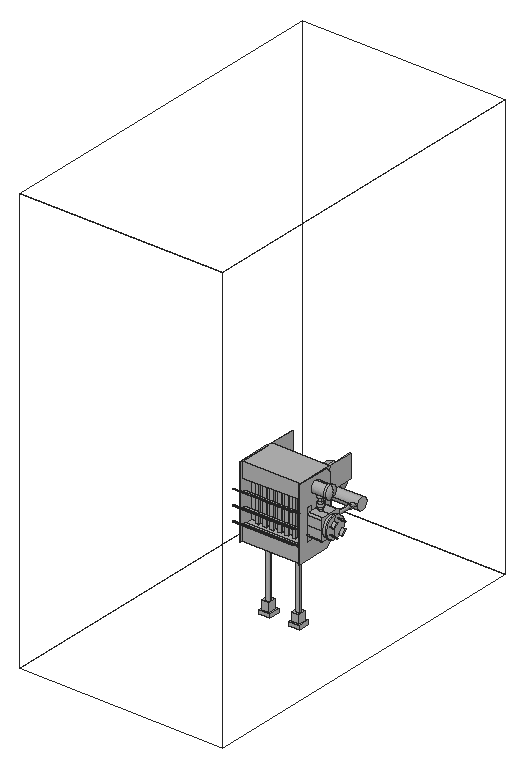
Revit family "Heater-QMARK-GUX_Series-Explosion_Proof_Unit_Gen2.txt", category Mechanical Equipment, host Face, Revit 2020
Family settings
  Host = Face
  Round Connector Dimension = Use Diameter
  Classification = None
  Part Type = Normal
  Cut with Voids When Loaded = No
  Shared = No
  Room Calculation Point = No
Parameters (values of type "GUX-233-FA-0036C")
  Watts = 3000 W
  Wall Mounting [instance] = no
  Clearance On [instance] = yes
  Voltage = 208 V
  Version = "2020 - v1.0a"  # constant formula
  URL = "https://www.marleymep.com/"
  Total Heating Capacity = 10236.0 Btu/h
  Shipping Weight = "130 lbs"
  Product Page URL = "https://www.marleymep.com/products/qmark/gux-series-explosion-proof-unit-heater-gen2-new"
  Product Name = "GUX Series Explosion-Proof Unit Heater Gen2"  # constant formula
  Product Documentation Link = "https://www.marleymep.com/system/files/node/file/field-file/Submittal_ExplosionProof-Unit-HEP-Q_2024-04-2_v1-Fillable.pdf"
  Power Factor = 1
  Pole Mounting [instance] = Wall Mounting  # no
  Phase = 1
  Number of Poles = 1
  Motor RPM = "1725 RPM"
  Motor HP = 0.25
  Model = "GUX-233-FA-0036C"
  Manufacturer = "Marley® Engineered Products"  # constant formula
  MW Height = 0' - 9"
  MH Height = 0' - 11 1/16"
  Length = 1' - 9 3/4"
  Instruction Sheet Link = "https://www.marleymep.com/system/files/node/file/field-file/Explosion%20Proof%20Unit%20Heater%20Instruction%20Manual_QMark.pdf"
  Height = 1' - 7 3/8"
  Frequency = 60 Hz
  Frame Size 3 = no
  Frame Size 2 = no
  Frame Size 1 = yes
  Fan Blade Diameter = 1' - 0"
  Description = "Proof Unit Heater"  # constant formula
  Depth = 1' - 4 1/16"
  Default Elevation = 4' - 0"
  Copyright = "© 2015-2024, Marley Engineered Products"  # constant formula
  Classification = "60 Hz Models/Class I, Divisions 1 and 2, Groups C & D/Class II, Divisions 1 and 2, Groups E, F & G/Class I, Zones 1 and 2, Group II"
  Ceiling Mounting [instance] = yes
  Material = QMark - Stainless Steel - Beige
  Built in Opt - Thermostat [instance] = no
  Built in Opt - Disconnect Switch [instance] = no
  Built in Opt - Auto Fan Selector Switch [instance] = yes
  Built in Opt - 120V Control Circuit [instance] = no
  Amps = 17 A
  Air Flow - Throw = 1' - 3"
  Actual Supply Air Flow = 650 CFM
Reference planes (in)
  plane 1 "Center (Front/Back)": y = 0
  plane 2: z = 0
  plane 3 "Center (Left/Right)": x = 0
  plane 4: y = -19.375
  plane 5: z = 9
  plane 6: x = -5.53125
  plane 7: x = 5.53125
  plane 8: z = 37.375
  plane 9: z = 18
  plane 10: z = 133.375
  plane 11: x = 40.01412
  plane 12: y = -76.57813
  plane 13: y = 19.17187
Forms (in)
  SweptBlend 1, solid, material "QMark - Stainless Steel - Beige" <- "Material", visible <- "Wall Mounting"
    path origin (0, 0, 0) x (0, 1, 0) y (0, 0, 1)
      loop
        line (0, 0) -> (0, 19.41)
    profile origin (0, 0, 0) x (0, -1, 0) y (1, 0, 0)
      loop
        line (-4, -3) -> (0, -3) -> (0, -2.6) -> (-0.07812, -2.6) -> (-0.07812, -2.92187) -> (-3.92187, -2.92187) -> (-3.92187, 2.92187) -> (-0.07812, 2.92187) -> (-0.07812, 2.6) -> (0, 2.6) -> (0, 3) -> (-4, 3) -> (-4, -3)
    end profile origin (0, 0, 19.41) x (0, -1, 0) y (1, 0, 0)
      loop
        line (-2.32, -3) -> (0, -3) -> (0, -2.6) -> (-0.07813, -2.6) -> (-0.07813, -2.92188) -> (-2.24187, -2.92188) -> (-2.24187, 2.92188) -> (-0.07813, 2.92188) -> (-0.07813, 2.6) -> (0, 2.6) -> (0, 3) -> (-2.32, 3) -> (-2.32, -3)
  Extrusion 2, solid, material "QMark - Stainless Steel - Beige" <- "Material", visible <- "Ceiling Mounting"
    sketch origin (-12.0625, -2.5, 0) x (1, 0, 0) y (0, 1, 0)
      loop
        line (4, 4) -> (1, 4) -> (1, 1) -> (4, 1) -> (4, 4)
    from 0 to 1
  Extrusion 3, solid, material "QMark - Stainless Steel - Beige" <- "Material", visible <- "Ceiling Mounting"
    sketch origin (-4.03125, 0, 0) x (1, 0, 0) y (0, 1, 0)
      loop
        line (-6.53125, 1) -> (-6.53125, -1) -> (-4.53125, -1) -> (-4.53125, 1) -> (-6.53125, 1)
    from 1 to 3.36477
  Extrusion 4, solid, material "QMark - Stainless Steel - Beige" <- "Material", visible <- "Ceiling Mounting"
    sketch origin (-4.03125, 0, 0) x (1, 0, 0) y (0, 1, 0)
      loop
        circle (-5.53125, 0) r 0.5
    from 0 to 18
  Extrusion 5, solid, material "QMark - Stainless Steel - Beige" <- "Material", visible <- "Ceiling Mounting"
    sketch origin (1, -2.5, 0) x (-1, 0, 0) y (0, -1, 0)
      loop
        line (4, -4) -> (4, -1) -> (1, -1) -> (1, -4) -> (4, -4)
    from 0 to 1
  Extrusion 6, solid, material "QMark - Stainless Steel - Beige" <- "Material", visible <- "Ceiling Mounting"
    sketch origin (-7.03125, 0, 0) x (-1, 0, 0) y (0, -1, 0)
      loop
        line (-6.53125, -1) -> (-4.53125, -1) -> (-4.53125, 1) -> (-6.53125, 1) -> (-6.53125, -1)
    from 1 to 3.36477
  Extrusion 7, solid, material "QMark - Stainless Steel - Beige" <- "Material", visible <- "Ceiling Mounting"
    sketch origin (-7.03125, 0, 0) x (-1, 0, 0) y (0, -1, 0)
      loop
        circle (-5.53125, 0) r 0.5
    from 0 to 18
Cuts and joins
  joined: Extrusion 2, Extrusion 3, Extrusion 4
Dimensions and locks (in)
  SweptBlend 1 sketch curve to SweptBlend 1 sketch curve to SweptBlend 1 sketch curve to SweptBlend 1 sketch curve to SweptBlend 1 sketch curve = 0' - 0 5/64" locked, 0' - 0.32187" locked, 0' - 5.2", 0' - 0.32187" locked
  SweptBlend 1 sketch curve to SweptBlend 1 sketch curve to SweptBlend 1 sketch curve to SweptBlend 1 sketch curve = 0' - 0" locked, 0' - 3 27/32" locked, 0' - 0 5/64" locked
  SweptBlend 1 sketch curve to SweptBlend 1 sketch curve to SweptBlend 1 sketch curve to SweptBlend 1 sketch curve to SweptBlend 1 sketch curve to SweptBlend 1 sketch curve = 0' - 0 5/64" locked, 0' - 0.32188" locked, 0' - 5.2", 0' - 0.32188" locked, 0' - 0 5/64" locked
  SweptBlend 1 sketch curve to SweptBlend 1 sketch curve to SweptBlend 1 sketch curve to SweptBlend 1 sketch curve = 0' - 0 5/64" locked, 0' - 2.16375" locked, 0' - 0" locked
  "MW Height": host face to plane 5
  "Depth": nested 1 to plane 5
  "Height": plane 4 to plane 1 "Center (Front/Back)"
  plane 6 to Extrusion 4 sketch curve = 0' - 4 1/32"
  Extrusion 7 sketch curve to plane 7 = 0' - 7 1/32"
  equal spacing: plane 6, plane 3 "Center (Left/Right)", plane 7
  "MH Height": plane 6 to plane 7
  "Height": plane 9 to plane 8
  locked: host face to plane 9 at 18
  locked: plane 10 to plane 8 at 96
  locked: plane 1 "Center (Front/Back)" to plane 12 at 76.57812
  locked: plane 13 to plane 1 "Center (Front/Back)" at 19.17187
  locked: plane 11 to nested 2 at 32
  aligned and locked: plane 2 to host face
  aligned and locked: level to host face
  aligned and locked: plane 5 to nested 1
  aligned and locked: nested 1 to plane 1 "Center (Front/Back)"
  aligned and locked: Extrusion 3 to Extrusion 2
  aligned and locked: Extrusion 5 to Extrusion 6
Automatic sketch dimensions
  host sketch curve to host sketch curve = 8' - 0"  (x2)
  SweptBlend 1 sketch curve to plane 1 "Center (Front/Back)" = 0' - 0"
  SweptBlend 1 sketch curve to level = 0' - 0"
  SweptBlend 1 sketch curve to plane 5 = 0' - 10.41"
  SweptBlend 1 sketch curve to profile plane = 0' - 0"  (x4)
  profile plane to SweptBlend 1 sketch curve = 0' - 0 5/64"  (x2)
  SweptBlend 1 sketch curve to profile plane = 0' - 3"  (x2)
  SweptBlend 1 sketch curve to SweptBlend 1 sketch curve = 0' - 0 5/64"
  Extrusion 2 sketch curve to plane 6 = 0' - 5 17/32"
  Extrusion 2 sketch curve to plane 6 = 0' - 2 17/32"
  plane 1 "Center (Front/Back)" to Extrusion 2 sketch curve = 0' - 1 1/2"
  Extrusion 2 sketch curve to plane 1 "Center (Front/Back)" = 0' - 1 1/2"
  Extrusion 3 sketch curve to plane 6 = 0' - 5 1/32"
  Extrusion 3 sketch curve to plane 6 = 0' - 3 1/32"
  plane 1 "Center (Front/Back)" to Extrusion 3 sketch curve = 0' - 1"
  Extrusion 3 sketch curve to plane 1 "Center (Front/Back)" = 0' - 1"
  plane 1 "Center (Front/Back)" to Extrusion 4 sketch curve = 0' - 0"
  Extrusion 5 sketch curve to plane 7 = 0' - 5 17/32"
  Extrusion 5 sketch curve to plane 7 = 0' - 8 17/32"
  Extrusion 5 sketch curve to plane 1 "Center (Front/Back)" = 0' - 1 1/2"
  plane 1 "Center (Front/Back)" to Extrusion 5 sketch curve = 0' - 1 1/2"
  Extrusion 6 sketch curve to plane 7 = 0' - 6 1/32"
  Extrusion 6 sketch curve to plane 7 = 0' - 8 1/32"
  Extrusion 6 sketch curve to plane 1 "Center (Front/Back)" = 0' - 1"
  plane 1 "Center (Front/Back)" to Extrusion 6 sketch curve = 0' - 1"
  plane 1 "Center (Front/Back)" to Extrusion 7 sketch curve = 0' - 0"
  radius of Extrusion 4 sketch curve = 0' - 0 1/2"
  radius of Extrusion 7 sketch curve = 0' - 0 1/2"
Nested families (in)
  nested 1: "Unit_Heater" at (-17.17187, -19.375, 25.0625) x (1, 0, 0) z (0, 1, 0), visible <- "Wall Mounting", X Side View <- "Length", Y Front View <- "Height", Z Front View <- "Depth", Frame Size 1 <- "Frame Size 1", Frame Size 2 <- "Frame Size 2", Frame Size 3 <- "Frame Size 3", Wall Mount  Clearance On <- "Clearance On", type "Frame Size 1"
    with Z Front View 1' - 4 1/16", Y Front View 1' - 7 3/8", X Side View 1' - 9 3/4", Wall Mount  Clearance On yes, Frame Size 3 no, Frame Size 2 no, Frame Size 1 yes, C_ X Side View 0' - 10 13/32"
  nested 2: "Unit_Heater" at (2.5, 17.17187, 37.375) x (0, -1, 0) z (0, 0, -1), X Side View <- "Length", Y Front View <- "Height", Z Front View <- "Depth", visible <- "Ceiling Mounting", Frame Size 1 <- "Frame Size 1", Frame Size 2 <- "Frame Size 2", Frame Size 3 <- "Frame Size 3", Wall Mount  Clearance On <- "Clearance On", type "Frame Size 1"
    with Z Front View 1' - 4 1/16", Y Front View 1' - 7 3/8", X Side View 1' - 9 3/4", Wall Mount  Clearance On yes, Frame Size 3 no, Frame Size 2 no, Frame Size 1 yes, C_ X Side View 0' - 10 13/32"
Connectors (in)
  electrical at (0, 0, 0)
    settings: index 1, voltage 0 V, apparent load 0 VA, apparent load phase1 0 VA, apparent load phase2 0 VA, apparent load phase3 0 VA, power factor 1, load classification "HVAC", number of poles 1, system type 31, power factor state 1, is connector primary yes, connector utility no, sub classification motor no, connector description ""
Definition of nested family "Unit_Heater"
  Parameters (values of type "Frame Size 1")
    Z Front View [instance] = 1' - 4 1/16"
    Y Front View [instance] = 1' - 7 3/8"
    X Side View [instance] = 1' - 9 3/4"
    Wall Mount  Clearance On [instance] = yes
    Materials = none
    Frame Size 3 [instance] = no
    Frame Size 2 [instance] = no
    Frame Size 1 [instance] = yes
    Default Elevation = 4' - 0"
    C_ X Side View [instance] = X Side View - 0' 11 11/32"  # 0' - 10 13/32"
  Reference planes (in)
    plane 1 "Center (Front/Back)": y = 0
    plane 2: z = 0
    plane 3 "Center (Left/Right)": x = 0
    plane 4: x = 21.75
    plane 5: y = 16.0625
    plane 6: z = 19.375
    plane 7: y = -6.75
    plane 8: x = 11.34375
    plane 9: y = 18.0625
    plane 10: y = -36.75
    plane 11: z = -96
    plane 12: x = -2
    plane 13: x = 93.75
  Forms (in)
    Extrusion 1, solid
      sketch origin (0, 0, 0) x (1, 0, 0) y (0, 1, 0)
        loop
          line (-48, 48) -> (-48, -48) -> (48, -48) -> (48, 48) -> (-48, 48)
      from 0 to -12
    Extrusion 2, solid, material <- "Materials", detail levels fine
      sketch origin (-261.40257, 12, -3.62552) x (1, 0, 0) y (0, 0, 1)
        loop
          line (283.15257, 3.62552) -> (283.15257, 23.00052) -> (273.99632, 23.00052) -> (272.74632, 21.75052) -> (272.74632, 4.88034) -> (273.99632, 3.62552) -> (283.15257, 3.62552)
      from 11.875 to 12
    Extrusion 3, solid, material <- "Materials", detail levels fine
      sketch origin (-261.40257, 27.9375, -3.62552) x (1, 0, 0) y (0, 0, 1)
        loop
          line (283.15257, 3.62552) -> (283.15257, 23.00052) -> (273.99632, 23.00052) -> (272.74632, 21.75052) -> (272.74632, 4.88034) -> (273.99632, 3.62552) -> (283.15257, 3.62552)
      from 11.875 to 12
    Extrusion 4, solid, material <- "Materials", detail levels fine
      sketch origin (10.8798, 0, 0) x (1, 0, 0) y (0, 0, 1)
        loop
          line (1.71395, 19.375) -> (0.46395, 18.125) -> (0.46395, 0) -> (10.3702, 0) -> (10.3702, 3.95031) -> (8.8702, 4.95031) -> (7.3702, 4.95031) -> (7.3702, 15.425) -> (10.3702, 15.425) -> (10.3702, 19.375) -> (1.71395, 19.375)
      from -15.9375 to -0.125
    Extrusion 5, solid, material <- "Materials", visible <- "Frame Size 1", detail levels fine
      sketch origin (10.8798, 0, -3.95) x (1, 0, 0) y (0, 0, 1)
        loop
          line (10.3702, 15.175) -> (9.8702, 15.175) -> (9.8702, 15.05) -> (10.3702, 15.05) -> (13.46556, 13.26289) -> (13.46556, 13.38789) -> (10.3702, 15.175)
      from -15.9375 to -0.125
    Extrusion 6, solid, material <- "Materials", visible <- "Frame Size 1", detail levels fine
      sketch origin (10.8798, 0, -7.9) x (1, 0, 0) y (0, 0, 1)
        loop
          line (10.3702, 15.175) -> (9.8702, 15.175) -> (9.8702, 15.05) -> (10.3702, 15.05) -> (13.46556, 13.26289) -> (13.46556, 13.38789) -> (10.3702, 15.175)
      from -15.9375 to -0.125
    Extrusion 7, solid, material <- "Materials", visible <- "Frame Size 1", detail levels fine
      sketch origin (10.8798, 0, 4) x (1, 0, 0) y (0, 0, 1)
        loop
          line (10.3702, 11.175) -> (9.8702, 11.175) -> (9.8702, 11.05) -> (10.3702, 11.05) -> (13.46556, 9.26289) -> (13.46556, 9.38789) -> (10.3702, 11.175)
      from -15.9375 to -0.125
    Extrusion 8, solid, material <- "Materials", visible <- "Frame Size 2", detail levels fine
      sketch origin (10.8798, 0, 12) x (1, 0, 0) y (0, 0, 1)
        loop
          line (10.3702, 3.175) -> (9.8702, 3.175) -> (9.8702, 3.05) -> (10.3702, 3.05) -> (13.46556, 1.26289) -> (13.46556, 1.38789) -> (10.3702, 3.175)
      from -20.0625 to -0.125
    Extrusion 9, solid, material <- "Materials", visible <- "Frame Size 3", detail levels fine
      sketch origin (10.8798, 0, -20.05) x (1, 0, 0) y (0, 0, 1)
        loop
          line (10.3702, 31.175) -> (9.8702, 31.175) -> (9.8702, 31.05) -> (10.3702, 31.05) -> (13.46556, 29.26289) -> (13.46556, 29.38789) -> (10.3702, 31.175)
      from -24.0625 to -0.125
    Extrusion 10, solid, material <- "Materials", detail levels fine
      sketch origin (10.8798, 0.5, 0) x (1, 0, 0) y (0, 1, 0)
        loop
          line (7.3702, 1.125) -> (8.1202, 0.625) -> (8.1202, 1.625) -> (7.3702, 2.125) -> (7.3702, 1.125)
      from 4.95031 to 15.425
    Extrusion 11, solid, material <- "Materials", detail levels fine
      sketch origin (10.8798, 2.5, 0) x (1, 0, 0) y (0, 1, 0)
        loop
          line (7.3702, 1.125) -> (8.1202, 0.625) -> (8.1202, 1.625) -> (7.3702, 2.125) -> (7.3702, 1.125)
      from 4.95031 to 15.425
    Extrusion 12, solid, material <- "Materials", detail levels fine
      sketch origin (10.8798, 4.5, 0) x (1, 0, 0) y (0, 1, 0)
        loop
          line (7.3702, 1.125) -> (8.1202, 0.625) -> (8.1202, 1.625) -> (7.3702, 2.125) -> (7.3702, 1.125)
      from 4.95031 to 15.425
    Extrusion 13, solid, material <- "Materials", detail levels fine
      sketch origin (10.8798, 6.5, 0) x (1, 0, 0) y (0, 1, 0)
        loop
          line (7.3702, 1.125) -> (8.1202, 0.625) -> (8.1202, 1.625) -> (7.3702, 2.125) -> (7.3702, 1.125)
      from 4.95031 to 15.425
    Extrusion 14, solid, material <- "Materials", detail levels fine
      sketch origin (10.8798, 8.5, 0) x (1, 0, 0) y (0, 1, 0)
        loop
          line (7.3702, 1.125) -> (8.1202, 0.625) -> (8.1202, 1.625) -> (7.3702, 2.125) -> (7.3702, 1.125)
      from 4.95031 to 15.425
    Extrusion 15, solid, material <- "Materials", detail levels fine
      sketch origin (10.8798, 10.5, 0) x (1, 0, 0) y (0, 1, 0)
        loop
          line (7.3702, 1.125) -> (8.1202, 0.625) -> (8.1202, 1.625) -> (7.3702, 2.125) -> (7.3702, 1.125)
      from 4.95031 to 15.425
    Extrusion 16, solid, material <- "Materials", detail levels fine
      sketch origin (10.8798, 12.5, 0) x (1, 0, 0) y (0, 1, 0)
        loop
          line (7.3702, 1.125) -> (8.1202, 0.625) -> (8.1202, 1.625) -> (7.3702, 2.125) -> (7.3702, 1.125)
      from 4.95031 to 15.425
    Extrusion 17, solid, material <- "Materials", visible <- "Frame Size 3", detail levels fine
      sketch origin (10.8798, 2.5, -8) x (1, 0, 0) y (0, 1, 0)
        loop
          line (8.3702, 9.25) -> (9.1202, 8.75) -> (9.1202, 9.75) -> (8.3702, 10.25) -> (8.3702, 9.25)
      from 4.95031 to 23.425
    Extrusion 18, solid, material <- "Materials", visible <- "Frame Size 3", detail levels fine
      sketch origin (10.8798, 20.75, -8) x (1, 0, 0) y (0, 1, 0)
        loop
          line (8.3702, -11.125) -> (9.1202, -11.625) -> (9.1202, -10.625) -> (8.3702, -10.125) -> (8.3702, -11.125)
      from 4.95031 to 23.425
    Extrusion 19, solid, material <- "Materials", visible <- "Frame Size 3", detail levels fine
      sketch origin (10.8798, 8.5, -8) x (1, 0, 0) y (0, 1, 0)
        loop
          line (8.3702, 5.25) -> (9.1202, 4.75) -> (9.1202, 5.75) -> (8.3702, 6.25) -> (8.3702, 5.25)
      from 4.95031 to 23.425
    Extrusion 20, solid, material <- "Materials", visible <- "Frame Size 3", detail levels fine
      sketch origin (10.8798, 14.625, -8) x (1, 0, 0) y (0, 1, 0)
        loop
          line (8.3702, 1.125) -> (9.1202, 0.625) -> (9.1202, 1.625) -> (8.3702, 2.125) -> (8.3702, 1.125)
      from 4.95031 to 23.425
    Extrusion 21, solid, visible <- "Frame Size 2", detail levels fine
      sketch origin (10.8798, 8.5, 0) x (1, 0, 0) y (0, 1, 0)
        loop
          line (7.3702, 1.125) -> (8.1202, 0.625) -> (8.1202, 1.625) -> (7.3702, 2.125) -> (7.3702, 1.125)
      from 4.95031 to 15.425
    Extrusion 22, solid, visible <- "Frame Size 2", detail levels fine
      sketch origin (10.8798, 10.625, -4) x (1, 0, 0) y (0, 1, 0)
        loop
          line (7.3702, 1.125) -> (8.1202, 0.625) -> (8.1202, 1.625) -> (7.3702, 2.125) -> (7.3702, 1.125)
      from 4.95031 to 19.425
    Extrusion 23, solid, material <- "Materials", detail levels fine
      sketch origin (10.875, 0.21875, 0) x (0, 1, 0) y (0, 0, 1)
        loop
          line (0.5, 18.125) -> (0.125, 18.125) -> (0.125, 2.5) -> (0.5, 2.5) -> (0.5, 18.125)
      from 0 to 0.46875
    Extrusion 24, solid, material <- "Materials", detail levels fine
      sketch origin (10.875, 0.96875, 0) x (0, 1, 0) y (0, 0, 1)
        loop
          line (0.5, 18.125) -> (0.125, 18.125) -> (0.125, 2.5) -> (0.5, 2.5) -> (0.5, 18.125)
      from 0 to 0.46875
    Extrusion 25, solid, material <- "Materials", detail levels fine
      sketch origin (10.875, 1.71875, 0) x (0, 1, 0) y (0, 0, 1)
        loop
          line (0.5, 18.125) -> (0.125, 18.125) -> (0.125, 2.5) -> (0.5, 2.5) -> (0.5, 18.125)
      from 0 to 0.46875
    Extrusion 26, solid, material <- "Materials", detail levels fine
      sketch origin (10.875, 2.46875, 0) x (0, 1, 0) y (0, 0, 1)
        loop
          line (0.5, 18.125) -> (0.125, 18.125) -> (0.125, 2.5) -> (0.5, 2.5) -> (0.5, 18.125)
      from 0 to 0.46875
    Extrusion 27, solid, material <- "Materials", detail levels fine
      sketch origin (10.875, 3.21875, 0) x (0, 1, 0) y (0, 0, 1)
        loop
          line (0.5, 18.125) -> (0.125, 18.125) -> (0.125, 2.5) -> (0.5, 2.5) -> (0.5, 18.125)
      from 0 to 0.46875
    Extrusion 28, solid, material <- "Materials", detail levels fine
      sketch origin (10.875, 3.96875, 0) x (0, 1, 0) y (0, 0, 1)
        loop
          line (0.5, 18.125) -> (0.125, 18.125) -> (0.125, 2.5) -> (0.5, 2.5) -> (0.5, 18.125)
      from 0 to 0.46875
    Extrusion 29, solid, material <- "Materials", detail levels fine
      sketch origin (10.875, 4.71875, 0) x (0, 1, 0) y (0, 0, 1)
        loop
          line (0.5, 18.125) -> (0.125, 18.125) -> (0.125, 2.5) -> (0.5, 2.5) -> (0.5, 18.125)
      from 0 to 0.46875
    Extrusion 30, solid, material <- "Materials", detail levels fine
      sketch origin (10.875, 5.46875, 0) x (0, 1, 0) y (0, 0, 1)
        loop
          line (0.5, 18.125) -> (0.125, 18.125) -> (0.125, 2.5) -> (0.5, 2.5) -> (0.5, 18.125)
      from 0 to 0.46875
    Extrusion 31, solid, material <- "Materials", detail levels fine
      sketch origin (10.875, 6.21875, 0) x (0, 1, 0) y (0, 0, 1)
        loop
          line (0.5, 18.125) -> (0.125, 18.125) -> (0.125, 2.5) -> (0.5, 2.5) -> (0.5, 18.125)
      from 0 to 0.46875
    Extrusion 32, solid, material <- "Materials", detail levels fine
      sketch origin (10.875, 6.96875, 0) x (0, 1, 0) y (0, 0, 1)
        loop
          line (0.5, 18.125) -> (0.125, 18.125) -> (0.125, 2.5) -> (0.5, 2.5) -> (0.5, 18.125)
      from 0 to 0.46875
    Extrusion 33, solid, material <- "Materials", visible <- "Frame Size 3", detail levels fine
      sketch origin (10.875, 7.71875, 0) x (0, 1, 0) y (0, 0, 1)
        loop
          line (0.5, 18.125) -> (0.125, 18.125) -> (0.125, 2.5) -> (0.5, 2.5) -> (0.5, 18.125)
      from 0 to 0.46875
    Extrusion 34, solid, material <- "Materials", detail levels fine
      sketch origin (10.875, 8.46875, 0) x (0, 1, 0) y (0, 0, 1)
        loop
          line (0.5, 18.125) -> (0.125, 18.125) -> (0.125, 2.5) -> (0.5, 2.5) -> (0.5, 18.125)
      from 0 to 0.46875
    Extrusion 35, solid, material <- "Materials", detail levels fine
      sketch origin (10.875, 9.21875, 0) x (0, 1, 0) y (0, 0, 1)
        loop
          line (0.5, 18.125) -> (0.125, 18.125) -> (0.125, 2.5) -> (0.5, 2.5) -> (0.5, 18.125)
      from 0 to 0.46875
    Extrusion 36, solid, material <- "Materials", detail levels fine
      sketch origin (10.875, 9.96875, 0) x (0, 1, 0) y (0, 0, 1)
        loop
          line (0.5, 18.125) -> (0.125, 18.125) -> (0.125, 2.5) -> (0.5, 2.5) -> (0.5, 18.125)
      from 0 to 0.46875
    Extrusion 37, solid, material <- "Materials", detail levels fine
      sketch origin (10.875, 10.71875, 0) x (0, 1, 0) y (0, 0, 1)
        loop
          line (0.5, 18.125) -> (0.125, 18.125) -> (0.125, 2.5) -> (0.5, 2.5) -> (0.5, 18.125)
      from 0 to 0.46875
    Extrusion 38, solid, material <- "Materials", detail levels fine
      sketch origin (10.875, 11.46875, 0) x (0, 1, 0) y (0, 0, 1)
        loop
          line (0.5, 18.125) -> (0.125, 18.125) -> (0.125, 2.5) -> (0.5, 2.5) -> (0.5, 18.125)
      from 0 to 0.46875
    Extrusion 39, solid, material <- "Materials", detail levels fine
      sketch origin (10.875, 12.21875, 0) x (0, 1, 0) y (0, 0, 1)
        loop
          line (0.5, 18.125) -> (0.125, 18.125) -> (0.125, 2.5) -> (0.5, 2.5) -> (0.5, 18.125)
      from 0 to 0.46875
    Extrusion 40, solid, material <- "Materials", detail levels fine
      sketch origin (10.875, 12.96875, 0) x (0, 1, 0) y (0, 0, 1)
        loop
          line (0.5, 18.125) -> (0.125, 18.125) -> (0.125, 2.5) -> (0.5, 2.5) -> (0.5, 18.125)
      from 0 to 0.46875
    Extrusion 41, solid, material <- "Materials", detail levels fine
      sketch origin (10.875, 13.71875, 0) x (0, 1, 0) y (0, 0, 1)
        loop
          line (0.5, 18.125) -> (0.125, 18.125) -> (0.125, 2.5) -> (0.5, 2.5) -> (0.5, 18.125)
      from 0 to 0.46875
    Extrusion 42, solid, material <- "Materials", detail levels fine
      sketch origin (10.875, 14.46875, 0) x (0, 1, 0) y (0, 0, 1)
        loop
          line (0.5, 18.125) -> (0.125, 18.125) -> (0.125, 2.5) -> (0.5, 2.5) -> (0.5, 18.125)
      from 0 to 0.46875
    Extrusion 43, solid, material <- "Materials", detail levels fine
      sketch origin (10.875, 15.21875, 0) x (0, 1, 0) y (0, 0, 1)
        loop
          line (0.5, 18.125) -> (0.125, 18.125) -> (0.125, 2.5) -> (0.5, 2.5) -> (0.5, 18.125)
      from 0 to 0.46875
    Extrusion 44, solid, material <- "Materials", visible <- "Frame Size 3", detail levels fine
      sketch origin (10.875, 8.46875, 0) x (0, 1, 0) y (0, 0, 1)
        loop
          line (0.5, 18.125) -> (0.125, 18.125) -> (0.125, 2.5) -> (0.5, 2.5) -> (0.5, 18.125)
      from 0 to 0.46875
    Extrusion 45, solid, material <- "Materials", visible <- "Frame Size 3", detail levels fine
      sketch origin (10.875, 9.21875, 0) x (0, 1, 0) y (0, 0, 1)
        loop
          line (0.5, 18.125) -> (0.125, 18.125) -> (0.125, 2.5) -> (0.5, 2.5) -> (0.5, 18.125)
      from 0 to 0.46875
    Extrusion 46, solid, material <- "Materials", visible <- "Frame Size 3", detail levels fine
      sketch origin (10.875, 9.96875, 0) x (0, 1, 0) y (0, 0, 1)
        loop
          line (0.5, 18.125) -> (0.125, 18.125) -> (0.125, 2.5) -> (0.5, 2.5) -> (0.5, 18.125)
      from 0 to 0.46875
    Extrusion 47, solid, material <- "Materials", visible <- "Frame Size 3", detail levels fine
      sketch origin (10.875, 10.71875, 0) x (0, 1, 0) y (0, 0, 1)
        loop
          line (0.5, 18.125) -> (0.125, 18.125) -> (0.125, 2.5) -> (0.5, 2.5) -> (0.5, 18.125)
      from 0 to 0.46875
    Extrusion 48, solid, material <- "Materials", visible <- "Frame Size 3", detail levels fine
      sketch origin (10.875, 11.46875, 0) x (0, 1, 0) y (0, 0, 1)
        loop
          line (0.5, 18.125) -> (0.125, 18.125) -> (0.125, 2.5) -> (0.5, 2.5) -> (0.5, 18.125)
      from 0 to 0.46875
    Extrusion 49, solid, material <- "Materials"
      sketch origin (-1.35704, 0, 0) x (0, 1, 0) y (0, 0, 1)
        loop
          line (15.9375, 0) -> (15.9375, 6.26172) -> (0.125, 6.26172) -> (0.125, 0) -> (0.25, 0) -> (0.25, 6.13672) -> (15.8125, 6.13672) -> (15.8125, 0) -> (15.9375, 0)
      from 5.70079 to 12.70079
    Revolve 50, solid, material <- "Materials"
      sketch origin (16.54688, -298.5676, -6.15718) x (0, 1, 0) y (0, 0, 1)
        loop
          line (293.05348, 19.64725) -> (293.05348, 16.76052) -> (294.43507, 16.76052) -> (294.43507, 19.51052) -> (293.40199, 19.51052) -> (293.40199, 19.64725) -> (293.05348, 19.64725)
        axis (293.05348, 16.76052) -> (294.43507, 16.76052)
      angle from 0 to 360
    Extrusion 51, solid, material <- "Materials"
      sketch origin (10.8798, 0, 0.5) x (1, 0, 0) y (0, 0, 1)
        loop
          line (2.78035, 10.10334) -> (2.78035, 7.71661)
          arc (2.78035, 7.71661) -> (2.9268, 7.36306) -> (3.28035, 7.21661) r 0.5
          line (3.28035, 7.21661) -> (5.66707, 7.21661) -> (8.0538, 7.21661)
          arc (8.0538, 7.21661) -> (8.40735, 7.36306) -> (8.5538, 7.71661) r 0.5
          line (8.5538, 7.71661) -> (8.5538, 10.10334) -> (8.5538, 12.49006)
          arc (8.5538, 12.49006) -> (8.40735, 12.84362) -> (8.0538, 12.99006) r 0.5
          line (8.0538, 12.99006) -> (5.66707, 12.99006) -> (3.28035, 12.99006)
          arc (3.28035, 12.99006) -> (2.9268, 12.84362) -> (2.78035, 12.49006) r 0.5
          line (2.78035, 12.49006) -> (2.78035, 10.10334)
      from 0 to 4.13252
    Extrusion 52, solid, material <- "Materials", detail levels fine
      sketch origin (10.8798, 0, 0.5) x (1, 0, 0) y (0, 0, 1)
        loop
          arc (2.78035, 12.49006) -> (2.9268, 12.84362) -> (3.28035, 12.99006) r 0.5
          line (3.28035, 12.99006) -> (3.78035, 12.99006) -> (3.78035, 14.24006) -> (3.40522, 14.24006) -> (3.40522, 13.74006) -> (3.15548, 13.74006) -> (3.15548, 14.24006) -> (2.78035, 14.24006) -> (2.78035, 12.49006)
      from 0 to 0.27445
    Extrusion 53, solid, material <- "Materials", detail levels fine
      sketch origin (22.21395, 0, 0.5) x (-1, 0, 0) y (0, 0, -1)
        loop
          line (2.78035, -12.49006) -> (2.78035, -14.24006) -> (3.15548, -14.24006) -> (3.15548, -13.74006) -> (3.40522, -13.74006) -> (3.40522, -14.24006) -> (3.78035, -14.24006) -> (3.78035, -12.99006) -> (3.28035, -12.99006)
          arc (3.28035, -12.99006) -> (2.9268, -12.84362) -> (2.78035, -12.49006) r 0.5
      from 0 to 0.27445
    Extrusion 54, solid, material <- "Materials", detail levels fine
      sketch origin (10.8798, 0, 20.70668) x (1, 0, 0) y (0, 0, 1)
        loop
          line (2.78035, -12.49006) -> (2.78035, -14.24006) -> (3.15548, -14.24006) -> (3.15548, -13.74006) -> (3.40522, -13.74006) -> (3.40522, -14.24006) -> (3.78035, -14.24006) -> (3.78035, -12.99006) -> (3.28035, -12.99006)
          arc (3.28035, -12.99006) -> (2.9268, -12.84362) -> (2.78035, -12.49006) r 0.5
      from 0 to 0.27445
    Extrusion 55, solid, material <- "Materials", detail levels fine
      sketch origin (22.21395, 0, 20.70668) x (-1, 0, 0) y (0, 0, -1)
        loop
          arc (2.78035, 12.49006) -> (2.9268, 12.84362) -> (3.28035, 12.99006) r 0.5
          line (3.28035, 12.99006) -> (3.78035, 12.99006) -> (3.78035, 14.24006) -> (3.40522, 14.24006) -> (3.40522, 13.74006) -> (3.15548, 13.74006) -> (3.15548, 14.24006) -> (2.78035, 14.24006) -> (2.78035, 12.49006)
      from 0 to 0.27445
    Revolve 56, solid, material <- "Materials"
      sketch origin (16.54688, -218.32343, -6.62162) x (0, 1, 0) y (0, 0, 1)
        loop
          line (216.24711, 15.45721) -> (216.24711, 13.6975) -> (216.07979, 13.6975) -> (216.07979, 13.1975) -> (215.82979, 13.1975) -> (215.82979, 12.6975) -> (216.17639, 12.6975) -> (216.17639, 12.1975) -> (216.32979, 12.1975) -> (216.32979, 11.03952) -> (215.82979, 11.03952) -> (215.82979, 9.61326) -> (216.74711, 9.61326) -> (216.74711, 15.45721) -> (216.24711, 15.45721)
        axis (216.74711, 9.61326) -> (216.74711, 15.45721)
      angle from 0 to 360
    Revolve 57, solid, material <- "Materials"
      sketch origin (16.54688, -218.32343, -6.62162) x (0, 1, 0) y (0, 0, 1)
        loop
          line (214.63408, 7.43421) -> (214.63408, 7.61042) -> (218.32343, 7.61042) -> (218.32343, 9.11919) -> (213.4769, 9.11919)
          arc (213.4769, 9.11919) -> (213.63874, 8.23294) -> (214.05549, 7.43421) r 3.01152
          line (214.05549, 7.43421) -> (214.63408, 7.43421)
        axis (213.4769, 9.11919) -> (218.32343, 9.11919)
      angle from 0 to 360
    Revolve 58, solid, material <- "Materials", not visible
      sketch origin (5.66707, -298.5676, -6.65718) x (0, 1, 0) y (0, 0, 1)
        loop
          line (293.05348, 19.64725) -> (293.05348, 16.76052) -> (294.43507, 16.76052) -> (294.43507, 19.51052) -> (293.40199, 19.51052) -> (293.40199, 19.64725) -> (293.05348, 19.64725)
        axis (293.05348, 16.76052) -> (294.43507, 16.76052)
      angle from 0 to 360
    Extrusion 59, solid, material <- "Materials", not visible
      sketch origin (0, 0, 0) x (1, 0, 0) y (0, 0, 1)
        loop
          line (2.78035, 10.10334) -> (2.78035, 7.71661)
          arc (2.78035, 7.71661) -> (2.9268, 7.36306) -> (3.28035, 7.21661) r 0.5
          line (3.28035, 7.21661) -> (5.66707, 7.21661) -> (8.0538, 7.21661)
          arc (8.0538, 7.21661) -> (8.40735, 7.36306) -> (8.5538, 7.71661) r 0.5
          line (8.5538, 7.71661) -> (8.5538, 10.10334) -> (8.5538, 12.49006)
          arc (8.5538, 12.49006) -> (8.40735, 12.84362) -> (8.0538, 12.99006) r 0.5
          line (8.0538, 12.99006) -> (5.66707, 12.99006) -> (3.28035, 12.99006)
          arc (3.28035, 12.99006) -> (2.9268, 12.84362) -> (2.78035, 12.49006) r 0.5
          line (2.78035, 12.49006) -> (2.78035, 10.10334)
      from 0 to 4.13252
    Extrusion 60, solid, material <- "Materials", not visible, detail levels fine
      sketch origin (0, 0, 0) x (1, 0, 0) y (0, 0, 1)
        loop
          arc (2.78035, 12.49006) -> (2.9268, 12.84362) -> (3.28035, 12.99006) r 0.5
          line (3.28035, 12.99006) -> (3.78035, 12.99006) -> (3.78035, 14.24006) -> (3.40522, 14.24006) -> (3.40522, 13.74006) -> (3.15548, 13.74006) -> (3.15548, 14.24006) -> (2.78035, 14.24006) -> (2.78035, 12.49006)
      from 0 to 0.27445
    Extrusion 61, solid, material <- "Materials", not visible, detail levels fine
      sketch origin (11.33415, 0, 0) x (-1, 0, 0) y (0, 0, -1)
        loop
          line (2.78035, -12.49006) -> (2.78035, -14.24006) -> (3.15548, -14.24006) -> (3.15548, -13.74006) -> (3.40522, -13.74006) -> (3.40522, -14.24006) -> (3.78035, -14.24006) -> (3.78035, -12.99006) -> (3.28035, -12.99006)
          arc (3.28035, -12.99006) -> (2.9268, -12.84362) -> (2.78035, -12.49006) r 0.5
      from 0 to 0.27445
    Extrusion 62, solid, material <- "Materials", not visible, detail levels fine
      sketch origin (0, 0, 20.20668) x (1, 0, 0) y (0, 0, 1)
        loop
          line (2.78035, -12.49006) -> (2.78035, -14.24006) -> (3.15548, -14.24006) -> (3.15548, -13.74006) -> (3.40522, -13.74006) -> (3.40522, -14.24006) -> (3.78035, -14.24006) -> (3.78035, -12.99006) -> (3.28035, -12.99006)
          arc (3.28035, -12.99006) -> (2.9268, -12.84362) -> (2.78035, -12.49006) r 0.5
      from 0 to 0.27445
    Extrusion 63, solid, material <- "Materials", not visible, detail levels fine
      sketch origin (11.33415, 0, 20.20668) x (-1, 0, 0) y (0, 0, -1)
        loop
          arc (2.78035, 12.49006) -> (2.9268, 12.84362) -> (3.28035, 12.99006) r 0.5
          line (3.28035, 12.99006) -> (3.78035, 12.99006) -> (3.78035, 14.24006) -> (3.40522, 14.24006) -> (3.40522, 13.74006) -> (3.15548, 13.74006) -> (3.15548, 14.24006) -> (2.78035, 14.24006) -> (2.78035, 12.49006)
      from 0 to 0.27445
    Revolve 64, solid, material <- "Materials", not visible
      sketch origin (5.66707, -218.32343, -7.12162) x (0, 1, 0) y (0, 0, 1)
        loop
          line (216.24711, 15.45721) -> (216.24711, 13.6975) -> (216.07979, 13.6975) -> (216.07979, 13.1975) -> (215.82979, 13.1975) -> (215.82979, 12.6975) -> (216.17639, 12.6975) -> (216.17639, 12.1975) -> (216.32979, 12.1975) -> (216.32979, 11.03952) -> (215.82979, 11.03952) -> (215.82979, 9.61326) -> (216.74711, 9.61326) -> (216.74711, 15.45721) -> (216.24711, 15.45721)
        axis (216.74711, 9.61326) -> (216.74711, 15.45721)
      angle from 0 to 360
    Revolve 65, solid, material <- "Materials", not visible
      sketch origin (5.66707, -218.32343, -7.12162) x (0, 1, 0) y (0, 0, 1)
        loop
          line (214.63408, 7.43421) -> (214.63408, 7.61042) -> (218.32343, 7.61042) -> (218.32343, 9.11919) -> (213.4769, 9.11919)
          arc (213.4769, 9.11919) -> (213.63874, 8.23294) -> (214.05549, 7.43421) r 3.01152
          line (214.05549, 7.43421) -> (214.63408, 7.43421)
        axis (213.4769, 9.11919) -> (218.32343, 9.11919)
      angle from 0 to 360
    Extrusion 66, solid, material <- "Materials", detail levels fine
      sketch origin (0, 0, 0) x (1, 0, 0) y (0, 0, 1)
        loop
          line (14.66157, 11.42798) -> (15.72223, 12.48864) -> (15.63384, 12.57703) -> (14.57318, 11.51637) -> (14.66157, 11.42798)
        loop
          line (18.43218, 11.42798) -> (18.52057, 11.51637) -> (17.45991, 12.57703) -> (17.37152, 12.48864) -> (18.43218, 11.42798)
        loop
          line (14.66157, 9.77869) -> (14.57318, 9.69031) -> (15.63384, 8.62965) -> (15.72223, 8.71803) -> (14.66157, 9.77869)
        loop
          line (18.43218, 9.77869) -> (17.37152, 8.71803) -> (17.45991, 8.62965) -> (18.52057, 9.69031) -> (18.43218, 9.77869)
      from 5.51412 to 6.75
    Extrusion 67, solid, material <- "Materials", not visible, detail levels fine
      sketch origin (-10.8798, 0, -0.5) x (1, 0, 0) y (0, 0, 1)
        loop
          line (14.66157, 11.42798) -> (15.72223, 12.48864) -> (15.63384, 12.57703) -> (14.57318, 11.51637) -> (14.66157, 11.42798)
        loop
          line (18.43218, 11.42798) -> (18.52057, 11.51637) -> (17.45991, 12.57703) -> (17.37152, 12.48864) -> (18.43218, 11.42798)
        loop
          line (14.66157, 9.77869) -> (14.57318, 9.69031) -> (15.63384, 8.62965) -> (15.72223, 8.71803) -> (14.66157, 9.77869)
        loop
          line (18.43218, 9.77869) -> (17.37152, 8.71803) -> (17.45991, 8.62965) -> (18.52057, 9.69031) -> (18.43218, 9.77869)
      from 5.51412 to 6.75
    Revolve 68, solid, material <- "Materials"
      sketch origin (-261.41036, 8.03125, -6.65718) x (1, 0, 0) y (0, 0, 1)
        loop
          line (261.41036, 20.25844) -> (261.41036, 16.75844) -> (272.75411, 16.75844) -> (272.75411, 19.75844) -> (263.41036, 19.75844) -> (263.41036, 20.25844) -> (261.41036, 20.25844)
        axis (261.41036, 16.75844) -> (272.75411, 16.75844)
      angle from 0 to 360
    Extrusion 69, solid, material <- "Materials"
      sketch origin (-12.125, 0, 0) x (0, 1, 0) y (0, 0, 1)
        loop
          line (10.09578, 8.50211) -> (5.96672, 8.50211) -> (5.96672, 6.275) -> (10.09578, 6.275) -> (10.09578, 8.50211)
      from 16.58895 to 23
    Revolve 70, solid, material <- "Materials", not visible
      sketch origin (-272.28536, 8.03125, -6.65718) x (1, 0, 0) y (0, 0, 1)
        loop
          line (261.41036, 20.25844) -> (261.41036, 16.75844) -> (272.75411, 16.75844) -> (272.75411, 19.75844) -> (263.41036, 19.75844) -> (263.41036, 20.25844) -> (261.41036, 20.25844)
        axis (261.41036, 16.75844) -> (272.75411, 16.75844)
      angle from 0 to 360
    Extrusion 71, solid, material <- "Materials", not visible
      sketch origin (-23, 0, 0) x (0, 1, 0) y (0, 0, 1)
        loop
          line (10.09578, 8.50211) -> (5.96672, 8.50211) -> (5.96672, 6.275) -> (10.09578, 6.275) -> (10.09578, 8.50211)
      from 16.58895 to 23
    Revolve 72, solid, material <- "Materials"
      sketch origin (-178.71427, -2.75706, -7.28905) x (1, 0, 0) y (0, 0, 1)
        loop
          line (184.39786, 17.95718) -> (184.39786, 17.39239) -> (195.56979, 17.39239) -> (195.56979, 17.7945) -> (187.05665, 17.7945) -> (187.05665, 17.95718) -> (184.39786, 17.95718)
        axis (184.39786, 17.39239) -> (195.56979, 17.39239)
      angle from 0 to 360
    Extrusion 73, solid, material <- "Materials", visible <- "Frame Size 2", detail levels fine
      sketch origin (10.875, 6.21875, 0) x (0, 1, 0) y (0, 0, 1)
        loop
          line (4.625, 22.125) -> (4.25, 22.125) -> (4.25, 2.5) -> (4.625, 2.5) -> (4.625, 22.125)
      from 0 to 0.46875
    Extrusion 74, solid, material <- "Materials", visible <- "Frame Size 2", detail levels fine
      sketch origin (10.875, 6.96875, 0) x (0, 1, 0) y (0, 0, 1)
        loop
          line (4.625, 22.125) -> (4.25, 22.125) -> (4.25, 2.5) -> (4.625, 2.5) -> (4.625, 22.125)
      from 0 to 0.46875
    Extrusion 75, solid, material <- "Materials", visible <- "Frame Size 2", detail levels fine
      sketch origin (10.875, 7.71875, 0) x (0, 1, 0) y (0, 0, 1)
        loop
          line (4.625, 22.125) -> (4.25, 22.125) -> (4.25, 2.5) -> (4.625, 2.5) -> (4.625, 22.125)
      from 0 to 0.46875
    Extrusion 76, solid, material <- "Materials", visible <- "Frame Size 2", detail levels fine
      sketch origin (10.875, 12.375, 0) x (0, 1, 0) y (0, 0, 1)
        loop
          line (-3.625, 22.125) -> (-4, 22.125) -> (-4, 2.5) -> (-3.625, 2.5) -> (-3.625, 22.125)
      from 0 to 0.46875
    Extrusion 77, solid, material <- "Materials", visible <- "Frame Size 2", detail levels fine
      sketch origin (10.875, 13.125, 0) x (0, 1, 0) y (0, 0, 1)
        loop
          line (-3.625, 22.125) -> (-4, 22.125) -> (-4, 2.5) -> (-3.625, 2.5) -> (-3.625, 22.125)
      from 0 to 0.46875
    Extrusion 78, solid, material <- "Materials", visible <- "Frame Size 2", detail levels fine
      sketch origin (10.875, 18, 0) x (0, 1, 0) y (0, 0, 1)
        loop
          line (-7.75, 22.125) -> (-8.125, 22.125) -> (-8.125, 2.5) -> (-7.75, 2.5) -> (-7.75, 22.125)
      from 0 to 0.46875
    Revolve 79, solid, material <- "Materials", not visible
      sketch origin (-189.59407, -2.75706, -7.78905) x (1, 0, 0) y (0, 0, 1)
        loop
          line (184.39786, 17.95718) -> (184.39786, 17.39239) -> (195.56979, 17.39239) -> (195.56979, 17.7945) -> (187.05665, 17.7945) -> (187.05665, 17.95718) -> (184.39786, 17.95718)
        axis (184.39786, 17.39239) -> (195.56979, 17.39239)
      angle from 0 to 360
    Extrusion 80, solid, material <- "Materials"
      sketch origin (0, 0, 0) x (1, 0, 0) y (0, 0, 1)
        loop
          circle (5.7398, 10.10334) r 1.5
      from -8.03125 to 4.13252
    Extrusion 81, solid, material <- "Materials", not visible
      sketch origin (0, 0, 0) x (1, 0, 0) y (0, 0, 1)
        loop
          circle (5.7398, 10.10334) r 1.5
      from -8.03125 to 4.13252
    Extrusion 82, solid, visible <- "Frame Size 2", detail levels fine
      sketch origin (10.8798, 8.5, -4) x (1, 0, 0) y (0, 1, 0)
        loop
          line (7.3702, 1.125) -> (8.1202, 0.625) -> (8.1202, 1.625) -> (7.3702, 2.125) -> (7.3702, 1.125)
      from 4.95031 to 19.425
    Extrusion 83, solid, material <- "Materials", detail levels fine
      sketch origin (10.875, 7.71875, 0) x (0, 1, 0) y (0, 0, 1)
        loop
          line (0.5, 18.125) -> (0.125, 18.125) -> (0.125, 2.5) -> (0.5, 2.5) -> (0.5, 18.125)
      from 0 to 0.46875
    Extrusion 84, solid, material <- "Materials", visible <- "Frame Size 3", detail levels fine
      sketch origin (10.875, 4.03125, 0) x (0, 1, 0) y (0, 0, 1)
        loop
          line (8.625, 26.125) -> (8.25, 26.125) -> (8.25, 2.5) -> (8.625, 2.5) -> (8.625, 26.125)
      from 0 to 0.46875
    Extrusion 85, solid, material <- "Materials", visible <- "Frame Size 3", detail levels fine
      sketch origin (10.875, 4.78125, 0) x (0, 1, 0) y (0, 0, 1)
        loop
          line (8.625, 26.125) -> (8.25, 26.125) -> (8.25, 2.5) -> (8.625, 2.5) -> (8.625, 26.125)
      from 0 to 0.46875
    Extrusion 86, solid, material <- "Materials", visible <- "Frame Size 3", detail levels fine
      sketch origin (10.875, 5.53125, 0) x (0, 1, 0) y (0, 0, 1)
        loop
          line (8.625, 26.125) -> (8.25, 26.125) -> (8.25, 2.5) -> (8.625, 2.5) -> (8.625, 26.125)
      from 0 to 0.46875
    Extrusion 87, solid, material <- "Materials", visible <- "Frame Size 3", detail levels fine
      sketch origin (10.875, 2.53125, 0) x (0, 1, 0) y (0, 0, 1)
        loop
          line (8.625, 26.125) -> (8.25, 26.125) -> (8.25, 2.5) -> (8.625, 2.5) -> (8.625, 26.125)
      from 0 to 0.46875
    Extrusion 88, solid, material <- "Materials", visible <- "Frame Size 3", detail levels fine
      sketch origin (10.875, 3.28125, 0) x (0, 1, 0) y (0, 0, 1)
        loop
          line (8.625, 26.125) -> (8.25, 26.125) -> (8.25, 2.5) -> (8.625, 2.5) -> (8.625, 26.125)
      from 0 to 0.46875
    Extrusion 89, solid, material <- "Materials", visible <- "Frame Size 3", not visible, detail levels fine
      sketch origin (10.875, 4.03125, 0) x (0, 1, 0) y (0, 0, 1)
        loop
          line (8.625, 26.125) -> (8.25, 26.125) -> (8.25, 2.5) -> (8.625, 2.5) -> (8.625, 26.125)
      from 0 to 0.46875
    Extrusion 90, solid, material <- "Materials", visible <- "Frame Size 3", not visible, detail levels fine
      sketch origin (10.875, 4.78125, 0) x (0, 1, 0) y (0, 0, 1)
        loop
          line (8.625, 26.125) -> (8.25, 26.125) -> (8.25, 2.5) -> (8.625, 2.5) -> (8.625, 26.125)
      from 0 to 0.46875
    Extrusion 91, solid, material <- "Materials", visible <- "Frame Size 3", not visible, detail levels fine
      sketch origin (10.875, 5.53125, 0) x (0, 1, 0) y (0, 0, 1)
        loop
          line (8.625, 26.125) -> (8.25, 26.125) -> (8.25, 2.5) -> (8.625, 2.5) -> (8.625, 26.125)
      from 0 to 0.46875
    Extrusion 92, solid, material <- "Materials", visible <- "Frame Size 3", not visible, detail levels fine
      sketch origin (10.875, 2.53125, 0) x (0, 1, 0) y (0, 0, 1)
        loop
          line (8.625, 26.125) -> (8.25, 26.125) -> (8.25, 2.5) -> (8.625, 2.5) -> (8.625, 26.125)
      from 0 to 0.46875
    Extrusion 93, solid, material <- "Materials", visible <- "Frame Size 3", not visible, detail levels fine
      sketch origin (10.875, 3.28125, 0) x (0, 1, 0) y (0, 0, 1)
        loop
          line (8.625, 26.125) -> (8.25, 26.125) -> (8.25, 2.5) -> (8.625, 2.5) -> (8.625, 26.125)
      from 0 to 0.46875
    Extrusion 94, solid, material <- "Materials", visible <- "Frame Size 2", not visible, detail levels fine
      sketch origin (10.875, 6.21875, 0) x (0, 1, 0) y (0, 0, 1)
        loop
          line (4.625, 22.125) -> (4.25, 22.125) -> (4.25, 2.5) -> (4.625, 2.5) -> (4.625, 22.125)
      from 0 to 0.46875
    Extrusion 95, solid, material <- "Materials", visible <- "Frame Size 2", not visible, detail levels fine
      sketch origin (10.875, 6.96875, 0) x (0, 1, 0) y (0, 0, 1)
        loop
          line (4.625, 22.125) -> (4.25, 22.125) -> (4.25, 2.5) -> (4.625, 2.5) -> (4.625, 22.125)
      from 0 to 0.46875
    Extrusion 96, solid, material <- "Materials", visible <- "Frame Size 2", not visible, detail levels fine
      sketch origin (10.875, 7.71875, 0) x (0, 1, 0) y (0, 0, 1)
        loop
          line (4.625, 22.125) -> (4.25, 22.125) -> (4.25, 2.5) -> (4.625, 2.5) -> (4.625, 22.125)
      from 0 to 0.46875
    Extrusion 97, solid, material <- "Materials", visible <- "Frame Size 2", not visible, detail levels fine
      sketch origin (10.875, 12.375, 0) x (0, 1, 0) y (0, 0, 1)
        loop
          line (-3.625, 22.125) -> (-4, 22.125) -> (-4, 2.5) -> (-3.625, 2.5) -> (-3.625, 22.125)
      from 0 to 0.46875
    Extrusion 98, solid, material <- "Materials", visible <- "Frame Size 2", not visible, detail levels fine
      sketch origin (10.875, 13.125, 0) x (0, 1, 0) y (0, 0, 1)
        loop
          line (-3.625, 22.125) -> (-4, 22.125) -> (-4, 2.5) -> (-3.625, 2.5) -> (-3.625, 22.125)
      from 0 to 0.46875
    Extrusion 99, solid, material <- "Materials", visible <- "Frame Size 2", not visible, detail levels fine
      sketch origin (10.875, 18, 0) x (0, 1, 0) y (0, 0, 1)
        loop
          line (-7.75, 22.125) -> (-8.125, 22.125) -> (-8.125, 2.5) -> (-7.75, 2.5) -> (-7.75, 22.125)
      from 0 to 0.46875
    Extrusion 100, solid, material <- "Materials", visible <- "Frame Size 3", detail levels fine
      sketch origin (10.875, 6.28125, 0) x (0, 1, 0) y (0, 0, 1)
        loop
          line (8.625, 26.125) -> (8.25, 26.125) -> (8.25, 2.5) -> (8.625, 2.5) -> (8.625, 26.125)
      from 0 to 0.46875
    Extrusion 101, solid, material <- "Materials", visible <- "Frame Size 3", detail levels fine
      sketch origin (10.875, 7.03125, 0) x (0, 1, 0) y (0, 0, 1)
        loop
          line (8.625, 26.125) -> (8.25, 26.125) -> (8.25, 2.5) -> (8.625, 2.5) -> (8.625, 26.125)
      from 0 to 0.46875
    Extrusion 102, solid, material <- "Materials", visible <- "Frame Size 3", detail levels fine
      sketch origin (10.875, 7.78125, 0) x (0, 1, 0) y (0, 0, 1)
        loop
          line (8.625, 26.125) -> (8.25, 26.125) -> (8.25, 2.5) -> (8.625, 2.5) -> (8.625, 26.125)
      from 0 to 0.46875
    Extrusion 103, solid, material <- "Materials", visible <- "Frame Size 3", detail levels fine
      sketch origin (10.875, 1.03125, 0) x (0, 1, 0) y (0, 0, 1)
        loop
          line (8.625, 26.125) -> (8.25, 26.125) -> (8.25, 2.5) -> (8.625, 2.5) -> (8.625, 26.125)
      from 0 to 0.46875
    Extrusion 104, solid, material <- "Materials", visible <- "Frame Size 3", detail levels fine
      sketch origin (10.875, 1.78125, 0) x (0, 1, 0) y (0, 0, 1)
        loop
          line (8.625, 26.125) -> (8.25, 26.125) -> (8.25, 2.5) -> (8.625, 2.5) -> (8.625, 26.125)
      from 0 to 0.46875
    Extrusion 105, solid, material <- "Materials", visible <- "Frame Size 3", detail levels fine
      sketch origin (10.875, 0.28125, 0) x (0, 1, 0) y (0, 0, 1)
        loop
          line (8.625, 26.125) -> (8.25, 26.125) -> (8.25, 2.5) -> (8.625, 2.5) -> (8.625, 26.125)
      from 0 to 0.46875
    Extrusion 106, solid, material <- "Materials", visible <- "Frame Size 3", not visible, detail levels fine
      sketch origin (10.875, 6.28125, 0) x (0, 1, 0) y (0, 0, 1)
        loop
          line (8.625, 26.125) -> (8.25, 26.125) -> (8.25, 2.5) -> (8.625, 2.5) -> (8.625, 26.125)
      from 0 to 0.46875
    Extrusion 107, solid, material <- "Materials", visible <- "Frame Size 3", not visible, detail levels fine
      sketch origin (10.875, 7.03125, 0) x (0, 1, 0) y (0, 0, 1)
        loop
          line (8.625, 26.125) -> (8.25, 26.125) -> (8.25, 2.5) -> (8.625, 2.5) -> (8.625, 26.125)
      from 0 to 0.46875
    Extrusion 108, solid, material <- "Materials", visible <- "Frame Size 3", not visible, detail levels fine
      sketch origin (10.875, 7.78125, 0) x (0, 1, 0) y (0, 0, 1)
        loop
          line (8.625, 26.125) -> (8.25, 26.125) -> (8.25, 2.5) -> (8.625, 2.5) -> (8.625, 26.125)
      from 0 to 0.46875
    Extrusion 109, solid, material <- "Materials", visible <- "Frame Size 3", not visible, detail levels fine
      sketch origin (10.875, 1.03125, 0) x (0, 1, 0) y (0, 0, 1)
        loop
          line (8.625, 26.125) -> (8.25, 26.125) -> (8.25, 2.5) -> (8.625, 2.5) -> (8.625, 26.125)
      from 0 to 0.46875
    Extrusion 110, solid, material <- "Materials", visible <- "Frame Size 3", not visible, detail levels fine
      sketch origin (10.875, 1.78125, 0) x (0, 1, 0) y (0, 0, 1)
        loop
          line (8.625, 26.125) -> (8.25, 26.125) -> (8.25, 2.5) -> (8.625, 2.5) -> (8.625, 26.125)
      from 0 to 0.46875
    Extrusion 111, solid, material <- "Materials", visible <- "Frame Size 3", not visible, detail levels fine
      sketch origin (10.875, 0.28125, 0) x (0, 1, 0) y (0, 0, 1)
        loop
          line (8.625, 26.125) -> (8.25, 26.125) -> (8.25, 2.5) -> (8.625, 2.5) -> (8.625, 26.125)
      from 0 to 0.46875
    Extrusion 112, solid, visible <- "Frame Size 2", not visible, detail levels fine
      sketch origin (10.8798, 10.625, 0) x (1, 0, 0) y (0, 1, 0)
        loop
          line (7.3702, 1.125) -> (8.1202, 0.625) -> (8.1202, 1.625) -> (7.3702, 2.125) -> (7.3702, 1.125)
      from 4.95031 to 19.425
    Extrusion 113, solid, visible <- "Frame Size 2", not visible, detail levels fine
      sketch origin (10.8798, 8.5, 0) x (1, 0, 0) y (0, 1, 0)
        loop
          line (7.3702, 1.125) -> (8.1202, 0.625) -> (8.1202, 1.625) -> (7.3702, 2.125) -> (7.3702, 1.125)
      from 4.95031 to 19.425
    Extrusion 114, solid, material <- "Materials", visible <- "Frame Size 3", not visible, detail levels fine
      sketch origin (10.8798, 2.5, 0) x (1, 0, 0) y (0, 1, 0)
        loop
          line (8.3702, 9.25) -> (9.1202, 8.75) -> (9.1202, 9.75) -> (8.3702, 10.25) -> (8.3702, 9.25)
      from 4.95031 to 23.425
    Extrusion 115, solid, material <- "Materials", visible <- "Frame Size 3", not visible, detail levels fine
      sketch origin (10.8798, 20.75, 0) x (1, 0, 0) y (0, 1, 0)
        loop
          line (8.3702, -11.125) -> (9.1202, -11.625) -> (9.1202, -10.625) -> (8.3702, -10.125) -> (8.3702, -11.125)
      from 4.95031 to 23.425
    Extrusion 116, solid, material <- "Materials", visible <- "Frame Size 3", not visible, detail levels fine
      sketch origin (10.8798, 8.5, 0) x (1, 0, 0) y (0, 1, 0)
        loop
          line (8.3702, 5.25) -> (9.1202, 4.75) -> (9.1202, 5.75) -> (8.3702, 6.25) -> (8.3702, 5.25)
      from 4.95031 to 23.425
    Extrusion 117, solid, material <- "Materials", visible <- "Frame Size 3", not visible, detail levels fine
      sketch origin (10.8798, 14.625, 0) x (1, 0, 0) y (0, 1, 0)
        loop
          line (8.3702, 1.125) -> (9.1202, 0.625) -> (9.1202, 1.625) -> (8.3702, 2.125) -> (8.3702, 1.125)
      from 4.95031 to 23.425
    Extrusion 118, solid, material <- "Materials", visible <- "Frame Size 3", detail levels fine
      sketch origin (10.8798, 0, -8) x (1, 0, 0) y (0, 0, 1)
        loop
          line (10.3702, 23.175) -> (9.8702, 23.175) -> (9.8702, 23.05) -> (10.3702, 23.05) -> (13.46556, 21.26289) -> (13.46556, 21.38789) -> (10.3702, 23.175)
      from -24.0625 to -0.125
    Extrusion 119, solid, material <- "Materials", detail levels coarse+medium
      sketch origin (0, 0, 0) x (1, 0, 0) y (0, 0, 1)
        loop
          line (21.75, 19.375) -> (11.34375, 19.375) -> (11.34375, 0) -> (21.75, 0) -> (21.75, 19.375)
      from -16.0625 to 0
    Extrusion 120, void
      sketch origin (0, 0, 0) x (0, 1, 0) y (0, 0, 1)
        loop
          line (0.5, 15.40039) -> (0.5, 3.97461) -> (15.5625, 3.97461) -> (15.5625, 15.40039) -> (0.5, 15.40039)
      from 19.4336 to 21.75
    Extrusion 121, solid, material <- "Materials", detail levels coarse+medium
      sketch origin (0, 0, 0) x (1, 0, 0) y (0, 0, 1)
        loop
          line (21.25, 7.275) -> (21.25, 7.15) -> (24.34536, 5.36289) -> (24.34536, 5.48789) -> (21.25, 7.275)
      from -15.5625 to -0.5
    Extrusion 122, solid, material <- "Materials", detail levels coarse+medium
      sketch origin (0, 0, 3.95) x (1, 0, 0) y (0, 0, 1)
        loop
          line (21.25, 7.275) -> (21.25, 7.15) -> (24.34536, 5.36289) -> (24.34536, 5.48789) -> (21.25, 7.275)
      from -15.5625 to -0.5
    Extrusion 123, solid, material <- "Materials", detail levels coarse+medium
      sketch origin (0, 0, 7.9) x (1, 0, 0) y (0, 0, 1)
        loop
          line (21.25, 7.275) -> (21.25, 7.15) -> (24.34536, 5.36289) -> (24.34536, 5.48789) -> (21.25, 7.275)
      from -15.5625 to -0.5
    Extrusion 124, solid, visible <- "Frame Size 2", detail levels coarse+medium
      sketch origin (0, 0, 7.9) x (1, 0, 0) y (0, 0, 1)
        loop
          line (21.25, 3.275) -> (21.25, 3.15) -> (24.34536, 1.36289) -> (24.34536, 1.48789) -> (21.25, 3.275)
      from -15.5625 to -0.5
    Extrusion 125, solid, material <- "Materials", visible <- "Frame Size 3", detail levels coarse+medium
      sketch origin (0, 0, 7.9) x (1, 0, 0) y (0, 0, 1)
        loop
          line (21.25, 7.275) -> (21.25, 7.15) -> (24.34536, 5.36289) -> (24.34536, 5.48789) -> (21.25, 7.275)
      from -23.6875 to -0.5
    Extrusion 126, solid, material <- "Materials", visible <- "Frame Size 3", detail levels coarse+medium
      sketch origin (0, 0, 11.85) x (1, 0, 0) y (0, 0, 1)
        loop
          line (21.25, -0.725) -> (21.25, -0.85) -> (24.34536, -2.63711) -> (24.34536, -2.51211) -> (21.25, -0.725)
      from -23.6875 to -0.5
    Extrusion 127, solid, visible <- "Wall Mount  Clearance On"
      sketch origin (-4.62595, 6.32371, 0) x (1, 0, 0) y (0, 1, 0)
        loop
          line (98.37595, 11.73879) -> (2.62595, 11.73879) -> (2.62595, -43.07371) -> (98.37595, -43.07371) -> (98.37595, 11.73879)
      from -96 to 19.375
  Cuts and joins
    Extrusion 120 cuts Extrusion 119
  Lines and regions (in)
    model lines, not visible
      curve 1: line (16.54688, 0, 13.49006) -> (16.54688, 0, 14.74006)
      curve 2: line (5.66707, 0, 12.99006) -> (5.66707, 0, 14.24006)
  Dimensions and locks (in)
    "Y Front View": plane 6 to Extrusion 1
    "X Side View": plane 3 "Center (Left/Right)" to plane 4
    "Z Front View": plane 1 "Center (Front/Back)" to plane 5
    locked: Extrusion 2 to Extrusion 2 at 0.125
    "C_ X Side View": plane 8 to plane 4
    locked: Extrusion 3 to Extrusion 3 at 0.125
    locked: plane 6 to Extrusion 4 sketch curve at 3.95
    locked: Extrusion 4 sketch curve to Extrusion 4 sketch curve at 3.95031
    locked: Extrusion 4 sketch curve to Extrusion 4 sketch curve at 3
    locked: Extrusion 4 sketch curve to Extrusion 4 sketch curve at 1.5
    locked: Extrusion 4 sketch curve to Extrusion 4 sketch curve at 1.76777
    locked: Extrusion 2 sketch curve to Extrusion 2 sketch curve at 1.76777
    locked: Extrusion 3 sketch curve to Extrusion 3 sketch curve at 1.76777
    locked: Extrusion 5 sketch curve to Extrusion 5 sketch curve at 3.57422
    locked: Extrusion 5 sketch curve to Extrusion 5 sketch curve at 0.5
    locked: Extrusion 5 sketch curve to Extrusion 5 sketch curve at 0.125  (x2)
    locked: Extrusion 6 sketch curve to Extrusion 6 sketch curve at 3.57422
    locked: Extrusion 6 sketch curve to Extrusion 6 sketch curve at 0.5
    locked: Extrusion 6 sketch curve to Extrusion 6 sketch curve at 0.125  (x2)
    locked: Extrusion 7 sketch curve to Extrusion 7 sketch curve at 3.57422
    locked: Extrusion 7 sketch curve to Extrusion 7 sketch curve at 0.5
    locked: Extrusion 7 sketch curve to Extrusion 7 sketch curve at 0.125  (x2)
    locked: Extrusion 8 sketch curve to Extrusion 8 sketch curve at 3.57422
    locked: Extrusion 8 sketch curve to Extrusion 8 sketch curve at 0.5
    locked: Extrusion 8 sketch curve to Extrusion 8 sketch curve at 0.125  (x2)
    locked: Extrusion 9 sketch curve to Extrusion 9 sketch curve at 3.57422
    locked: Extrusion 9 sketch curve to Extrusion 9 sketch curve at 0.5
    locked: Extrusion 9 sketch curve to Extrusion 9 sketch curve at 0.125  (x2)
    locked: Extrusion 10 to plane 4 at 3.5
    locked: Extrusion 49 to Extrusion 49 at 0.125
    equal spacing: plane 4, curve 1, plane 8
    equal spacing: plane 5, Revolve 68, plane 1 "Center (Front/Back)"
    plane 5 to plane 1 "Center (Front/Back)" = 1' - 4 1/16"
    locked: Extrusion 118 sketch curve to Extrusion 118 sketch curve at 3.57422
    locked: Extrusion 118 sketch curve to Extrusion 118 sketch curve at 0.5
    locked: Extrusion 118 sketch curve to Extrusion 118 sketch curve at 0.125  (x2)
    locked: plane 1 "Center (Front/Back)" to Extrusion 120 sketch curve at 0.5
    locked: Extrusion 120 sketch curve to plane 5 at 0.5
    locked: Extrusion 120 sketch curve to plane 6 at 3.97461
    locked: Extrusion 1 to Extrusion 120 sketch curve at 3.97461
    locked: plane 5 to plane 9 at 2
    locked: plane 10 to plane 7 at 30  (x2)
    locked: plane 11 to plane 2 at 96
    locked: plane 3 "Center (Left/Right)" to plane 12 at 2
    locked: plane 13 to plane 4 at 72
    aligned and locked: plane 2 to Extrusion 1
    aligned and locked: level to Extrusion 1
    aligned and locked: plane 4 to Extrusion 2
    aligned and locked: Extrusion 2 to plane 8
    aligned and locked: Extrusion 3 to plane 5
    aligned and locked: Extrusion 4 to Extrusion 3
    aligned and locked: Extrusion 7 to Extrusion 3
    aligned and locked: Extrusion 5 to Extrusion 3
    aligned and locked: Extrusion 6 to Extrusion 3
    aligned and locked: Extrusion 10 to Extrusion 4  (x2)
    aligned and locked: Extrusion 11 to Extrusion 4
    aligned and locked: Extrusion 12 to Extrusion 4
